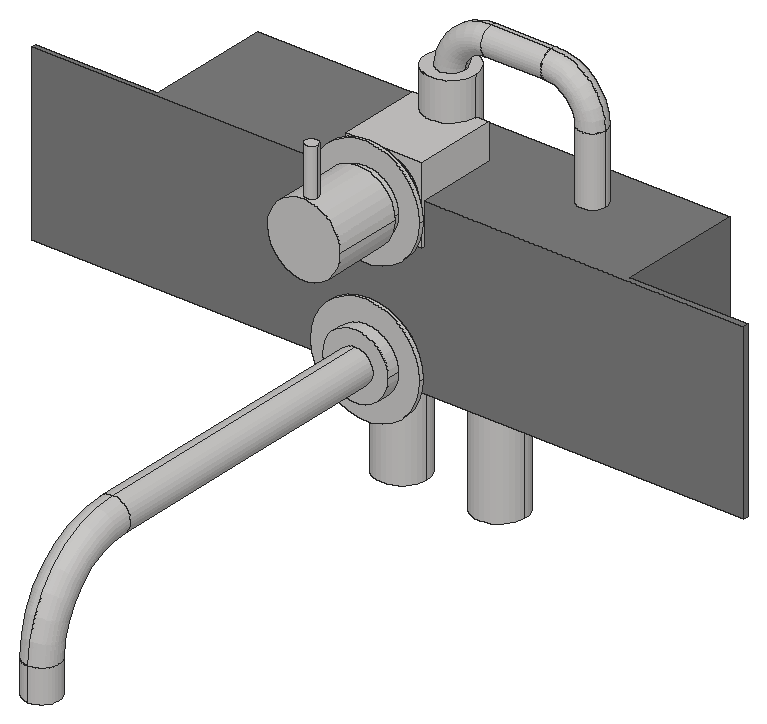
Revit family "321", category Plumbing Fixtures, Revit 2021
Family settings
  Round Connector Dimension = Use Diameter
  Part Type = Normal
  Work Plane-Based = No
  Always vertical = Yes
  Cut with Voids When Loaded = No
  Shared = No
  Room Calculation Point = No
Parameters
  e-mail = "info@vola.com"
  URL = "http://vola.com"
  Telephone = "+45 7023 5500"
  Quality management standard = "ISO 9001"
  Organisation no. / DUNS no. = "17531328"
  Occupational health and safety management standard = "ISO 18001"
  Mounting Instructions = "http://vola.com/service/producturl.ashx?name=321"
  Model = "321"
  Mixer Offset [instance] = 12.00 mm
  Mixer = yes
  Materials and components information = "http://vola.com/service/producturl.ashx?name=321"
  Manufacturer = "VOLA A/S"
  Maintenance Instructions = "http://vola.com/service/producturl.ashx?name=321"
  Guarantee = "2 years"
  Flow = "5,00 l/min"
  Environmental management standard = "ISO 14000"
  Default Elevation = 0.00 mm
  Connection - All relevant connections = "½\" for water connection"
  Approvals = "http://vola.com/service/producturl.ashx?name=321"
Reference planes
  plane 1 "Center (Front/Back)": y = 0
  plane 2: z = 0
  plane 3 "Center (Left/Right)": x = 0
  plane 4 "Mixer plane": y = 12
  plane 5 "Wall Surface": y = 0
Forms (mm)
  Extrusion 1, solid, material "Stainless Steel", visible <- "Mixer"
    sketch origin (-17.5, 10.8, 0) x (0, 0, -1) y (1, 0, 0)
      loop
        circle (0, 17.5) r 17.5
    from 0 to 10.8
  Extrusion 2, solid, material "Stainless Steel", visible <- "Mixer"
    sketch origin (-21, 10.8, 99) x (-1, 0, 0) y (0, 0, -1)
      loop
        circle (-21, 21) r 19.5
    from 0 to 10.8
Dimensions and locks
  "Mixer Offset": plane 4 "Mixer plane" to plane 1 "Center (Front/Back)"
  aligned and locked: plane 2 to level
  aligned and locked: plane 1 "Center (Front/Back)" to Extrusion 1
  aligned and locked: plane 1 "Center (Front/Back)" to Extrusion 2
  aligned and locked: nested 1 to plane 4 "Mixer plane"
Automatic sketch dimensions
  Extrusion 2 sketch curve to nested 1 = 21.00 mm  (x2)
  radius of Extrusion 1 sketch curve to nested 1 = 0.00 mm
  radius of Extrusion 2 sketch curve = 19.50 mm
Nested families
  nested 1: "300" at (0, 83.5, -89.5), visible <- "Mixer", type "300"
  nested 2: "NR28" at (0, -2, 78), type "NR28"
  nested 3: "020" at (0, -2, 0), type "020"
  nested 4: "3001" at (0, 0, 78) x (1, 0, 0) z (0, -1, 0), type "3001"
  nested 5: "001" at (0, 0, 0) x (1, 0, 0) z (0, -1, 0), type "001"
Connectors
  piping at (27, 56.8, -89.5), diameter 28
    settings: on nested 1, index 1, connector inside diameter 1.10236", connector length 0.00 mm, flow factor 0, pipe flow 0 GPM, pressure drop 0.00 psi, fitting loss kfactor 0, connector angle 0.00°, fixture units 0, engagement length 0.00 mm, angle of deflection 0.00°, flow configuration 0, flow direction 1, fitting loss method 0, system type 20, joint type 0, gender type 0, connector reference index -1, connector utility 0, adjustable connector no, is connector primary yes, connector description ""
  piping at (-27, 56.8, -89.5), diameter 28
    settings: on nested 1, index 2, connector inside diameter 1.10236", connector length 0.00 mm, flow factor 0, pipe flow 0 GPM, pressure drop 0.00 psi, fitting loss kfactor 0, connector angle 0.00°, fixture units 0, engagement length 0.00 mm, angle of deflection 0.00°, flow configuration 0, flow direction 1, fitting loss method 0, system type 19, joint type 0, gender type 0, connector reference index -1, connector utility 0, adjustable connector no, is connector primary no, connector description ""
Definition of nested family "300"
  Parameters
    e-mail = "info@vola.com"
    URL = "http://vola.com"
    Telephone = "+45 7023 5500"
    Quality management standard = "ISO 9001"
    Organisation no. / DUNS no. = "17531328"
    Occupational health and safety management standard = "ISO 18001"
    Mounting Instructions = "http://vola.com/service/producturl.ashx?name=300"
    Model = "300"
    Materials and components information = "http://vola.com/service/producturl.ashx?name=300"
    Manufacturer = "VOLA A/S"
    Maintenance Instructions = "http://vola.com/service/producturl.ashx?name=300"
    Guarantee = "2 years"
    Flow = "17,00 l/min"
    Environmental management standard = "ISO 14000"
    Default Elevation = 0.00 mm
    Connection - All relevant connections = ""
    Approvals = "http://vola.com/service/producturl.ashx?name=300"
  Reference planes
    plane 1 "Center (Front/Back)": y = 0
    plane 2: z = 0
    plane 3 "Center (Left/Right)": x = 0
    plane 4 "Front Plane": y = -72.7
    plane 5 "Inlet Center Plane": y = -26.7
    plane 6: z = 167.5
  Forms (mm)
    Extrusion 1, solid
      sketch origin (1071.5, -3.5, 98.5) x (-1, 0, 0) y (0, 0, -1)
        loop
          line (1092.5, -90) -> (1092.5, -48) -> (1050.5, -48) -> (1050.5, -90) -> (1092.5, -90)
      from 23.2 to 69.2
    Extrusion 2, solid
      sketch origin (0, -1, 52.75) x (1, 0, 0) y (0, 1, 0)
        loop
          line (-127.5, 1) -> (-127.5, -68) -> (132.5, -68) -> (132.5, 1) -> (-127.5, 1)
      from 21.5 to 116.5
    Extrusion 3, solid
      sketch origin (0, -1.7, 74.25) x (0, 1, 0) y (1, 0, 0)
        loop
          circle (-25, 27) r 14
      from 0 to 74.25
    Extrusion 4, solid
      sketch origin (-54, -1.7, 74.25) x (0, 1, 0) y (1, 0, 0)
        loop
          circle (-25, 27) r 14
      from 0 to 74.25
    Extrusion 5, solid
      sketch origin (0, -1, 52.75) x (1, 0, 0) y (0, 1, 0)
        loop
          line (-195, -68) -> (-195, -70.5) -> (197.5, -70.5) -> (197.5, -68) -> (-195, -68)
      from 21.5 to 116.5
    Extrusion 6, solid
      sketch origin (1071.5, -3.5, 20.5) x (-1, 0, 0) y (0, 0, -1)
        loop
          circle (1071.5, -69) r 17.5
      from 7.25 to 69.2
    Extrusion 7, solid
      sketch origin (0, -1, 169.25) x (1, 0, 0) y (0, 1, 0)
        loop
          circle (0, -25.7) r 14
      from 0 to 40.25
    Extrusion 8, void
      sketch origin (0, 0, 0) x (0, 1, 0) y (0, 0, 1)
        loop
          line (0, 169.25) -> (-71.5, 169.25) -> (-71.5, 74.25) -> (0, 74.25) -> (0, 169.25)
      from -27 to 30.523
    Sweep 9, solid
      path origin (0, -26.7, 0) x (-1, 0, 0) y (0, 0, 1)
        loop
          arc (0, 207) -> (-6.59, 222.91) -> (-22.5, 229.5) r 22.5
          line (-22.5, 229.5) -> (-55.5, 229.5)
          arc (-55.5, 229.5) -> (-71.41, 222.91) -> (-78, 207) r 22.5
          line (-78, 207) -> (-78, 169.25)
      profile origin (39, -26.7, 229.5) x (0, 0, -1) y (0, 1, 0)
        loop
          circle (0, 0) r 7.5
  Cuts and joins
    joined: Extrusion 2, Extrusion 5
    Extrusion 8 cuts Extrusion 1
    joined: Extrusion 1, Extrusion 7, Sweep 9
    Extrusion 8 cuts Extrusion 6
  Lines and regions (mm)
    reference lines
      curve 1: line (0, -26, 167.5) -> (0, -123.5, 167.5)
      curve 2: line (-27, -26.7, 167.5) -> (-27, -26.7, 22.75)
      curve 3: line (27, -26.7, 167.5) -> (27, -26.7, 22.75)
      curve 4: line (0, -26, 89.5) -> (0, -123.5, 89.5)
  Dimensions and locks
    aligned and locked: plane 2 to level
    aligned and locked: plane 6 to curve 3
    aligned and locked: plane 6 to curve 2
    aligned and locked: Extrusion 2 to Extrusion 5
    aligned and locked: Extrusion 5 to Extrusion 2
Definition of nested family "NR28"
  Parameters
    e-mail = "info@vola.com"
    URL = "http://vola.com"
    Telephone = "+45 7023 5500"
    Quality management standard = "ISO 9001"
    Organisation no. / DUNS no. = "17531328"
    Occupational health and safety management standard = "ISO 18001"
    Mounting Instructions = "http://vola.com/service/producturl.ashx?name=NR28"
    Model = "NR28"
    Materials and components information = "http://vola.com/service/producturl.ashx?name=NR28"
    Manufacturer = "VOLA A/S"
    Maintenance Instructions = "http://vola.com/service/producturl.ashx?name=NR28"
    Guarantee = "2 years"
    Environmental management standard = "ISO 14000"
    Default Elevation = 0.00 mm
    Connection - All relevant connections = ""
    Approvals = "http://vola.com/service/producturl.ashx?name=NR28"
  Reference planes
    plane 1 "Center (Front/Back)": y = 0
    plane 2: z = 0
    plane 3 "Center (Left/Right)": x = 0
  Forms (mm)
    Extrusion 1, solid
      sketch origin (0, 0, 0) x (1, 0, 0) y (0, 0, 1)
        loop
          circle (0, 0) r 20
      from 5 to 42.5
    Extrusion 2, solid
      sketch origin (0, -2.75, 0) x (0, -1, 0) y (1, 0, 0)
        loop
          circle (34.5, 0) r 3.5
      from 19 to 45.5
    Extrusion 3, solid
      sketch origin (0, 0, 0) x (1, 0, 0) y (0, 0, 1)
        loop
          circle (0, 0) r 18
      from 0 to 5
  Cuts and joins
    joined: Extrusion 1, Extrusion 2
  Lines and regions (mm)
    model lines
      curve 1: line (6.05, -42.5, 19.141) -> (6.05, -42.5, -19.141)
      curve 2: line (-6.05, -42.5, 19.141) -> (-6.05, -42.5, -19.141)
  Dimensions and locks
    aligned and locked: plane 2 to level
Definition of nested family "020"
  Parameters
    e-mail = "info@vola.com"
    URL = "http://vola.com"
    Telephone = "+45 7023 5500"
    Quality management standard = "ISO 9001"
    Organisation no. / DUNS no. = "17531328"
    Occupational health and safety management standard = "ISO 18001"
    Mounting Instructions = "http://vola.com/service/producturl.ashx?name=020"
    Model = "020"
    Materials and components information = "http://vola.com/service/producturl.ashx?name=020"
    Manufacturer = "VOLA A/S"
    Maintenance Instructions = "http://vola.com/service/producturl.ashx?name=020"
    Guarantee = "2 years"
    Environmental management standard = "ISO 14000"
    Default Elevation = 0.00 mm
    Connection - All relevant connections = ""
    Approvals = "http://vola.com/service/producturl.ashx?name=020"
  Reference planes
    plane 1 "Center (Front/Back)": y = 0
    plane 2: z = 0
    plane 3 "Center (Left/Right)": x = 0
  Forms (mm)
    Extrusion 1, solid
      sketch origin (0, 0, 0) x (1, 0, 0) y (0, 0, 1)
        loop
          circle (0, 0) r 18
      from 0 to 7
    Sweep 2, solid
      path origin (0, 0, 0) x (0, 1, 0) y (0, 0, 1)
        loop
          line (-7, 0) -> (-174, 0)
          arc (-174, 0) -> (-208.648, -14.352) -> (-223, -49) r 49
      profile origin (0, -208.648, -14.352) x (0, 0.707107, -0.707107) y (1, 0, 0)
        loop
          circle (0, 0) r 9.5
    Extrusion 3, solid
      sketch origin (0, -223, -49) x (0, -1, 0) y (-1, 0, 0)
        loop
          circle (0, 0) r 9.5
      from 0 to 18
  Dimensions and locks
    Sweep 2 sketch curve to plane 1 "Center (Front/Back)" = 223.00 mm
    aligned and locked: plane 2 to level
Definition of nested family "3001"
  Parameters
    e-mail = "info@vola.com"
    URL = "http://vola.com"
    Telephone = "+45 7023 5500"
    Quality management standard = "ISO 9001"
    Organisation no. / DUNS no. = "17531328"
    Occupational health and safety management standard = "ISO 18001"
    Mounting Instructions = "http://vola.com/service/producturl.ashx?name=3001"
    Model = "3001"
    Materials and components information = "http://vola.com/service/producturl.ashx?name=3001"
    Manufacturer = "VOLA A/S"
    Maintenance Instructions = "http://vola.com/service/producturl.ashx?name=3001"
    Guarantee = "2 years"
    Environmental management standard = "ISO 14000"
    Default Elevation = 1219.20 mm
    Connection - All relevant connections = ""
    Approvals = "http://vola.com/service/producturl.ashx?name=3001"
  Reference planes
    plane 1 "Center (Front/Back)": y = 0
    plane 2: z = 0
    plane 3 "Center (Left/Right)": x = 0
  Forms (mm)
    Extrusion 1, solid
      sketch origin (0, 0, 0) x (1, 0, 0) y (0, 1, 0)
        loop
          circle (0, 0) r 18
        loop
          circle (0, 0) r 30
      from 0 to 2
  Dimensions and locks
    aligned and locked: plane 2 to level
Definition of nested family "001"
  Parameters
    e-mail = "info@vola.com"
    URL = "http://vola.com"
    Telephone = "+45 7023 5500"
    Quality management standard = "ISO 9001"
    Organisation no. / DUNS no. = "17531328"
    Occupational health and safety management standard = "ISO 18001"
    Mounting Instructions = "http://vola.com/service/producturl.ashx?name=001"
    Model = "001"
    Materials and components information = "http://vola.com/service/producturl.ashx?name=001"
    Manufacturer = "VOLA A/S"
    Maintenance Instructions = "http://vola.com/service/producturl.ashx?name=001"
    Guarantee = "2 years"
    Environmental management standard = "ISO 14000"
    Default Elevation = 1219.20 mm
    Connection - All relevant connections = ""
    Approvals = "http://vola.com/service/producturl.ashx?name=001"
  Reference planes
    plane 1 "Center (Front/Back)": y = 0
    plane 2: z = 0
    plane 3 "Center (Left/Right)": x = 0
  Forms (mm)
    Extrusion 1, solid
      sketch origin (0, 0, 0) x (1, 0, 0) y (0, 1, 0)
        loop
          circle (0, 0) r 16.5
        loop
          circle (0, 0) r 30
      from 0 to 2
  Dimensions and locks
    aligned and locked: plane 2 to level
